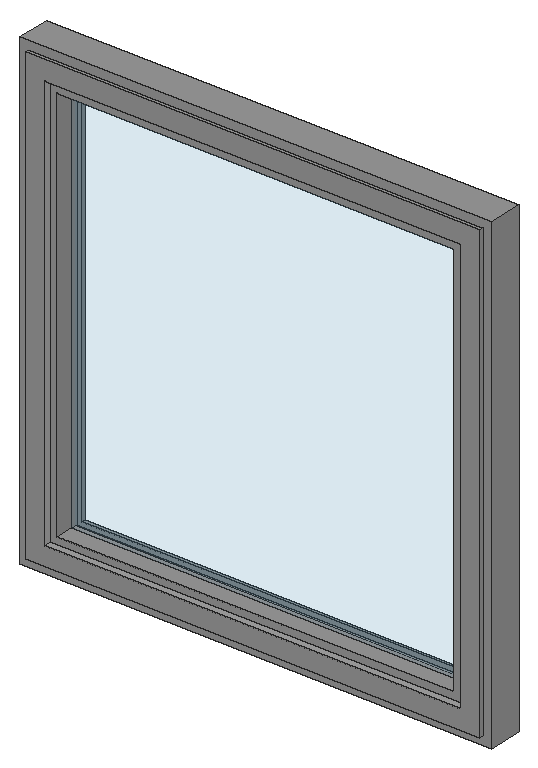
Revit family "Kawneer_Window_GT70s_Pos0011", category Windows, host Wall, Revit 2020 (continued)
Definition of nested family "Kawneer_GT70s_Pos001"
  Definition of nested family "Kawneer_GT70s_Jamb"
    Lines and regions (mm)
      model lines, in view "Ref. Level", visible <- "Open", detail levels fine
        curve 304: arc (-57.55, -39.3, 0) -> (-57.488, -43.91, 0) -> (-57.303, -48.516, 0) r 172.47
        curve 305: arc (-57.303, -48.516, 0) -> (-57.098, -49.458, 0) -> (-56.605, -50.286, 0) r 3.002
        curve 306: arc (-55.22, -51.936, 0) -> (-54.7, -52.838, 0) -> (-54.519, -53.863, 0) r 2.996
        curve 307: arc (-54.519, -54.329, 0) -> (-54.502, -54.456, 0) -> (-54.452, -54.574, 0) r 0.5
        curve 308: arc (-53.6, -56.6, 0) -> (-53.659, -56.741, 0) -> (-53.8, -56.8, 0) r 0.2
        curve 309: arc (-54.821, -56.8, 0) -> (-55.08, -56.65, 0) -> (-55.08, -56.35, 0) r 0.3
        curve 310: arc (-55.08, -56.35, 0) -> (-55.6, -55.45, 0) -> (-56.12, -56.35, 0) r 0.6
        curve 311: arc (-56.12, -56.35, 0) -> (-56.12, -56.65, 0) -> (-56.379, -56.8, 0) r 0.3
        curve 312: arc (-57.2, -56.8, 0) -> (-57.341, -56.741, 0) -> (-57.4, -56.6, 0) r 0.2
        curve 313: arc (-56.897, -54.429, 0) -> (-57.114, -53.72, 0) -> (-57.645, -53.201, 0) r 1.5
        curve 314: arc (-58.45, -52.736, 0) -> (-58.816, -52.37, 0) -> (-58.95, -51.87, 0) r 1
        curve 315: arc (-58.95, -26.73, 0) -> (-58.816, -26.23, 0) -> (-58.45, -25.864, 0) r 1
        curve 316: arc (-57.645, -25.399, 0) -> (-57.114, -24.88, 0) -> (-56.897, -24.171, 0) r 1.5
        curve 317: arc (-57.4, -22, 0) -> (-57.341, -21.859, 0) -> (-57.2, -21.8, 0) r 0.2
        curve 318: arc (-56.379, -21.8, 0) -> (-56.12, -21.95, 0) -> (-56.12, -22.25, 0) r 0.3
        curve 319: arc (-56.12, -22.25, 0) -> (-55.6, -23.15, 0) -> (-55.08, -22.25, 0) r 0.6
        curve 320: arc (-55.08, -22.25, 0) -> (-55.08, -21.95, 0) -> (-54.821, -21.8, 0) r 0.3
        curve 321: arc (-53.8, -21.8, 0) -> (-53.659, -21.859, 0) -> (-53.6, -22, 0) r 0.2
        curve 322: arc (-54.452, -24.026, 0) -> (-54.502, -24.144, 0) -> (-54.519, -24.271, 0) r 0.5
        curve 323: arc (-54.519, -24.737, 0) -> (-54.672, -25.773, 0) -> (-55.221, -26.665, 0) r 2.599
        curve 324: arc (-56.605, -28.315, 0) -> (-57.095, -29.143, 0) -> (-57.303, -30.083, 0) r 3.049
        curve 325: arc (-57.303, -30.083, 0) -> (-57.455, -33.587, 0) -> (-57.536, -37.094, 0) r 172.05
        curve 326: arc (-57.536, -37.094, 0) -> (-57.392, -37.451, 0) -> (-57.036, -37.6, 0) r 0.5
        curve 327: arc (-48.75, -37.6, 0) -> (-48.326, -37.776, 0) -> (-48.15, -38.2, 0) r 0.6
        curve 328: arc (-48.15, -38.2, 0) -> (-48.326, -38.624, 0) -> (-48.75, -38.8, 0) r 0.6
        curve 329: arc (-48.748, -39.1, 0) -> (-47.848, -38.2, 0) -> (-48.748, -37.3, 0) r 0.9
        curve 330: arc (-53.348, -39.499, 0) -> (-54.248, -40.399, 0) -> (-53.348, -41.299, 0) r 0.9
        curve 331: arc (-42.707, -37.123, 0) -> (-42.519, -37.18, 0) -> (-42.324, -37.199, 0) r 1
        curve 332: arc (-38.348, -37.199, 0) -> (-37.641, -36.906, 0) -> (-37.348, -36.199, 0) r 1
        curve 333: arc (-37.348, -29.799, 0) -> (-37.788, -28.738, 0) -> (-38.848, -28.299, 0) r 1.5
        curve 334: arc (-42.548, -28.299, 0) -> (-43.609, -28.738, 0) -> (-44.048, -29.799, 0) r 1.5
        curve 335: arc (-44.048, -35.475, 0) -> (-43.972, -35.857, 0) -> (-43.755, -36.182, 0) r 1
        curve 336: arc (-43.031, -36.906, 0) -> (-42.879, -37.03, 0) -> (-42.707, -37.123, 0) r 1
        curve 337: arc (-37.348, -38.899, 0) -> (-37.641, -38.192, 0) -> (-38.348, -37.899, 0) r 1
        curve 338: arc (-41.918, -37.899, 0) -> (-42.372, -38.008, 0) -> (-42.728, -38.311, 0) r 1
        curve 339: arc (-43.857, -39.866, 0) -> (-43.999, -40.145, 0) -> (-44.048, -40.454, 0) r 1
        curve 340: arc (-44.048, -45.299, 0) -> (-43.609, -46.36, 0) -> (-42.548, -46.799, 0) r 1.5
        curve 341: arc (-38.848, -46.799, 0) -> (-37.788, -46.36, 0) -> (-37.348, -45.299, 0) r 1.5
        curve 342: arc (-44.898, -56.6, 0) -> (-44.957, -56.741, 0) -> (-45.098, -56.8, 0) r 0.2
        curve 343: arc (-45.919, -56.8, 0) -> (-46.179, -56.65, 0) -> (-46.178, -56.35, 0) r 0.3
        curve 344: arc (-46.178, -56.35, 0) -> (-46.698, -55.448, 0) -> (-47.218, -56.35, 0) r 0.601
        curve 345: arc (-47.218, -56.35, 0) -> (-47.218, -56.65, 0) -> (-47.478, -56.8, 0) r 0.3
        curve 346: arc (-48.498, -56.8, 0) -> (-48.64, -56.741, 0) -> (-48.698, -56.6, 0) r 0.2
        curve 347: arc (-47.846, -54.574, 0) -> (-47.797, -54.456, 0) -> (-47.779, -54.33, 0) r 0.5
        curve 348: arc (-47.779, -53.863, 0) -> (-47.598, -52.835, 0) -> (-47.075, -51.932, 0) r 2.996
        curve 349: arc (-45.75, -50.353, 0) -> (-45.229, -49.451, 0) -> (-45.048, -48.425, 0) r 3
        curve 350: arc (-45.048, -41.499, 0) -> (-45.195, -41.145, 0) -> (-45.548, -40.999, 0) r 0.5
        curve 351: arc (-53.348, -40.999, 0) -> (-53.948, -40.399, 0) -> (-53.348, -39.799, 0) r 0.6
        curve 352: arc (-45.299, -39.799, 0) -> (-45.072, -39.744, 0) -> (-44.895, -39.593, 0) r 0.5
        curve 353: arc (-44.177, -38.605, 0) -> (-43.975, -37.65, 0) -> (-44.55, -36.86, 0) r 1.2
        curve 354: arc (-44.55, -36.86, 0) -> (-44.756, -36.701, 0) -> (-44.915, -36.493, 0) r 1
        curve 355: arc (-44.915, -36.493, 0) -> (-45.015, -36.252, 0) -> (-45.048, -35.993, 0) r 1
        curve 356: arc (-45.048, -30.173, 0) -> (-45.23, -29.148, 0) -> (-45.75, -28.247, 0) r 3
        curve 357: arc (-47.078, -26.664, 0) -> (-47.599, -25.761, 0) -> (-47.779, -24.733, 0) r 2.996
        curve 358: arc (-47.779, -24.27, 0) -> (-47.797, -24.143, 0) -> (-47.847, -24.024, 0) r 0.5
        curve 359: arc (-48.698, -22, 0) -> (-48.639, -21.858, 0) -> (-48.498, -21.8, 0) r 0.2
        curve 360: arc (-47.478, -21.8, 0) -> (-47.218, -21.95, 0) -> (-47.218, -22.25, 0) r 0.3
        curve 361: arc (-47.218, -22.25, 0) -> (-46.698, -23.173, 0) -> (-46.179, -22.25, 0) r 0.608
        curve 362: arc (-46.179, -22.25, 0) -> (-46.179, -21.95, 0) -> (-45.919, -21.8, 0) r 0.3
        curve 363: arc (-45.098, -21.8, 0) -> (-44.957, -21.859, 0) -> (-44.898, -22, 0) r 0.2
        curve 364: arc (-45.402, -24.171, 0) -> (-45.184, -24.88, 0) -> (-44.653, -25.399, 0) r 1.5
        curve 365: arc (-43.848, -25.864, 0) -> (-43.509, -26.186, 0) -> (-43.354, -26.626, 0) r 1
        curve 366: arc (-43.354, -26.626, 0) -> (-43.11, -27.106, 0) -> (-42.608, -27.299, 0) r 0.75
        curve 367: arc (-37.848, -27.299, 0) -> (-36.788, -27.738, 0) -> (-36.348, -28.799, 0) r 1.5
        curve 368: arc (-36.348, -47.299, 0) -> (-36.386, -47.49, 0) -> (-36.495, -47.652, 0) r 0.5
        curve 369: arc (-36.495, -47.652, 0) -> (-36.657, -47.761, 0) -> (-36.848, -47.799, 0) r 0.5
        curve 370: arc (-42.348, -47.799, 0) -> (-43.055, -48.092, 0) -> (-43.348, -48.799, 0) r 1
        curve 371: arc (-43.348, -51.87, 0) -> (-43.482, -52.37, 0) -> (-43.848, -52.736, 0) r 1
        curve 372: arc (-44.653, -53.201, 0) -> (-45.184, -53.72, 0) -> (-45.402, -54.429, 0) r 1.5
        curve 373: arc (-23.123, -48.448, 0) -> (-22.961, -48.34, 0) -> (-22.769, -48.302, 0) r 0.5
        curve 374: arc (-21.98, -48.302, 0) -> (-21.592, -48.486, 0) -> (-21.49, -48.902, 0) r 0.5
        curve 375: arc (-21.49, -48.902, 0) -> (-21.837, -49.477, 0) -> (-22.469, -49.702, 0) r 1
        curve 376: arc (-22.769, -49.702, 0) -> (-23.123, -49.556, 0) -> (-23.269, -49.202, 0) r 0.5
        curve 377: arc (-23.269, -48.802, 0) -> (-23.231, -48.611, 0) -> (-23.123, -48.448, 0) r 0.5
        curve 378: arc (-23.269, -50.864, 0) -> (-23.123, -50.511, 0) -> (-22.769, -50.364, 0) r 0.5
        curve 379: arc (-22.469, -50.364, 0) -> (-22.116, -50.511, 0) -> (-21.969, -50.864, 0) r 0.5
        curve 380: arc (-21.969, -51.264, 0) -> (-22.116, -51.618, 0) -> (-22.469, -51.764, 0) r 0.5
        curve 381: arc (-22.769, -51.764, 0) -> (-23.123, -51.618, 0) -> (-23.269, -51.264, 0) r 0.5
        curve 382: arc (-22.417, -47.337, 0) -> (-23.203, -47.721, 0) -> (-23.75, -47.038, 0) r 0.7
        curve 383: arc (-23.75, -45.879, 0) -> (-23.828, -45.72, 0) -> (-24.001, -45.685, 0) r 0.2
        curve 384: arc (-24.001, -45.685, 0) -> (-24.538, -45.926, 0) -> (-24.969, -46.327, 0) r 1.8
        curve 385: arc (-24.969, -46.327, 0) -> (-25.247, -46.846, 0) -> (-25.343, -47.426, 0) r 1.8
        curve 386: arc (-25.478, -48.971, 0) -> (-26.249, -50.38, 0) -> (-27.807, -50.768, 0) r 2
        curve 387: arc (-37.792, -49.066, 0) -> (-37.975, -48.917, 0) -> (-37.74, -48.895, 0) r 0.127
        curve 388: arc (-33.917, -49.648, 0) -> (-33.407, -49.439, 0) -> (-33.399, -48.888, 0) r 0.5
        curve 389: arc (-33.399, -48.888, 0) -> (-34.305, -48.041, 0) -> (-35.507, -47.733, 0) r 2.5
        curve 390: arc (-38.535, -47.733, 0) -> (-39.49, -48.435, 0) -> (-39.104, -49.555, 0) r 1
        curve 391: arc (-38.829, -49.745, 0) -> (-34.447, -52.327, 0) -> (-29.736, -54.247, 0) r 35
        curve 392: arc (-24.062, -56.09, 0) -> (-23.882, -56.062, 0) -> (-23.8, -55.9, 0) r 0.2
        curve 393: arc (-23.8, -53.033, 0) -> (-23.123, -52.333, 0) -> (-22.402, -52.987, 0) r 0.7
        curve 394: arc (-19.45, -52.318, 0) -> (-19.34, -52.208, 0) -> (-19.3, -52.058, 0) r 0.3
        curve 395: arc (-19.3, -50.838, 0) -> (-19.703, -50.435, 0) -> (-20.105, -50.838, 0) r 0.403
        curve 396: arc (-20.105, -51.044, 0) -> (-20.43, -51.369, 0) -> (-20.755, -51.044, 0) r 0.325
        curve 397: arc (-20.755, -50.331, 0) -> (-20.665, -50.044, 0) -> (-20.427, -49.861, 0) r 0.5
        curve 398: arc (-20.427, -49.861, 0) -> (-19.714, -49.312, 0) -> (-19.443, -48.453, 0) r 1.5
        curve 399: arc (-19.443, -48.22, 0) -> (-19.482, -48.073, 0) -> (-19.588, -47.964, 0) r 0.3
        curve 400: arc (-21.314, 5.418, 0) -> (-21.379, 5.548, 0) -> (-21.514, 5.601, 0) r 0.2
        curve 401: arc (-22.186, 5.601, 0) -> (-22.321, 5.548, 0) -> (-22.386, 5.418, 0) r 0.2
        curve 402: arc (-22.499, 4.118, 0) -> (-22.447, 3.966, 0) -> (-22.3, 3.901, 0) r 0.2
        curve 403: arc (-21.4, 3.901, 0) -> (-21.253, 3.966, 0) -> (-21.201, 4.118, 0) r 0.2
        curve 404: arc (-19.374, 0.801, 0) -> (-18.827, 1.016, 0) -> (-18.575, 1.547, 0) r 0.8
        curve 405: arc (-18.575, 1.547, 0) -> (-18.557, 2.183, 0) -> (-18.588, 2.818, 0) r 8.2
        curve 406: arc (-18.588, 2.818, 0) -> (-18.652, 2.948, 0) -> (-18.787, 3.001, 0) r 0.2
        curve 407: arc (-22.98, 3.001, 0) -> (-23.079, 2.92, 0) -> (-23.018, 2.808, 0) r 0.1
        curve 408: arc (-23.018, 2.808, 0) -> (-21.725, 2.548, 0) -> (-20.427, 2.788, 0) r 3.48
        curve 409: arc (-20.427, 2.788, 0) -> (-19.497, 2.631, 0) -> (-19.262, 1.718, 0) r 0.866
        curve 410: arc (-19.262, 1.718, 0) -> (-19.522, 1.279, 0) -> (-19.938, 0.984, 0) r 1.222
        curve 411: arc (-24.001, 1.423, 0) -> (-23.692, 1.905, 0) -> (-23.21, 1.597, 0) r 0.405
        curve 412: arc (-23.21, 1.597, 0) -> (-22.892, 1.058, 0) -> (-22.318, 0.809, 0) r 1.009
        curve 413: arc (-22.318, 0.809, 0) -> (-22.054, 0.8, 0) -> (-21.79, 0.822, 0) r 2.275
        curve 414: arc (-21.79, 0.822, 0) -> (-21.531, 0.873, 0) -> (-21.28, 0.955, 0) r 2.275
        curve 415: arc (-21.28, 0.955, 0) -> (-20.591, 1.326, 0) -> (-20.012, 1.851, 0) r 3.222
        curve 416: arc (-20.012, 1.851, 0) -> (-20.004, 2.011, 0) -> (-20.157, 2.057, 0) r 0.13
        curve 417: arc (-20.157, 2.057, 0) -> (-22.9, 1.942, 0) -> (-25.143, 3.524, 0) r 4.258
        curve 418: arc (-25.143, 3.524, 0) -> (-25.167, 3.837, 0) -> (-24.9, 4.001, 0) r 0.3
        curve 419: arc (-23.5, 4.001, 0) -> (-23.359, 4.059, 0) -> (-23.3, 4.201, 0) r 0.2
        curve 420: arc (-23.735, 5.377, 0) -> (-23.897, 5.54, 0) -> (-23.8, 5.747, 0) r 0.2
        curve 421: arc (-19.9, 5.747, 0) -> (-19.803, 5.54, 0) -> (-19.965, 5.377, 0) r 0.2
        curve 422: arc (-20.4, 4.201, 0) -> (-20.341, 4.059, 0) -> (-20.2, 4.001, 0) r 0.2
        curve 423: arc (-18.2, 4.001, 0) -> (-18.008, 3.931, 0) -> (-17.905, 3.754, 0) r 0.3
        curve 424: arc (-17.905, 3.754, 0) -> (-17.771, 2.624, 0) -> (-17.778, 1.486, 0) r 9.161
        curve 425: arc (-17.778, 1.486, 0) -> (-18.282, 0.426, 0) -> (-19.374, -0.005, 0) r 1.6
        curve 426: arc (-22.244, -0.005, 0) -> (-23.371, 0.402, 0) -> (-24.001, 1.423, 0) r 1.819
        curve 427: arc (-34.4, -68.117, 0) -> (-34.452, -67.965, 0) -> (-34.6, -67.9, 0) r 0.2
        curve 428: arc (-35.4, -67.9, 0) -> (-35.547, -67.965, 0) -> (-35.599, -68.117, 0) r 0.2
        curve 429: arc (-35.485, -69.417, 0) -> (-35.421, -69.547, 0) -> (-35.286, -69.6, 0) r 0.2
        curve 430: arc (-36.686, -69.913, 0) -> (-36.839, -69.47, 0) -> (-36.516, -69.131, 0) r 0.45
        curve 431: arc (-36.4, -68.3, 0) -> (-36.488, -68.088, 0) -> (-36.7, -68, 0) r 0.3
        curve 432: arc (-39.099, -68, 0) -> (-39.319, -68.097, 0) -> (-39.398, -68.324, 0) r 0.3
        curve 433: arc (-39.4, -72, 0) -> (-40.226, -71.752, 0) -> (-40.779, -71.09, 0) r 1.5
        curve 434: arc (-40.779, -71.09, 0) -> (-41.567, -70.008, 0) -> (-42.747, -69.376, 0) r 3
        curve 435: arc (-46.63, -68.317, 0) -> (-46.991, -67.746, 0) -> (-46.453, -67.337, 0) r 0.5
        curve 436: arc (-41.435, -67.798, 0) -> (-41.072, -67.686, 0) -> (-40.892, -67.35, 0) r 0.5
        curve 437: arc (-40.892, -67.35, 0) -> (-40.406, -66.388, 0) -> (-39.4, -66, 0) r 1.5
        curve 438: arc (-32.4, -66, 0) -> (-31.339, -66.439, 0) -> (-30.9, -67.5, 0) r 1.5
        curve 439: arc (-33.3, -68, 0) -> (-33.512, -68.088, 0) -> (-33.6, -68.3, 0) r 0.3
        curve 440: arc (-59, -63.646, 0) -> (-59.146, -63.293, 0) -> (-59.5, -63.146, 0) r 0.5
        curve 441: arc (-64, -62.646, 0) -> (-63.854, -63, 0) -> (-63.5, -63.146, 0) r 0.5
        curve 442: arc (-63.5, -51.646, 0) -> (-63.854, -51.793, 0) -> (-64, -52.146, 0) r 0.5
        curve 443: arc (-59.5, -51.646, 0) -> (-59.146, -51.5, 0) -> (-59, -51.146, 0) r 0.5
        curve 444: arc (-64, -49.146, 0) -> (-63.854, -49.5, 0) -> (-63.5, -49.646, 0) r 0.5
        curve 445: arc (-59, -50.146, 0) -> (-59.146, -49.793, 0) -> (-59.5, -49.646, 0) r 0.5
        curve 446: arc (-59.5, -22.646, 0) -> (-59.146, -22.5, 0) -> (-59, -22.146, 0) r 0.5
        curve 447: arc (-63.5, -22.646, 0) -> (-63.854, -22.793, 0) -> (-64, -23.146, 0) r 0.5
        curve 448: arc (-59.001, -18.671, 0) -> (-59.138, -18.302, 0) -> (-59.5, -18.146, 0) r 0.5
        curve 449: arc (-61, -18.146, 0) -> (-61.354, -18.293, 0) -> (-61.5, -18.646, 0) r 0.5
        curve 450: arc (-62, -20.646, 0) -> (-61.646, -20.5, 0) -> (-61.5, -20.146, 0) r 0.5
        curve 451: arc (-62.188, -3.988, 0) -> (-61.976, -3.9, 0) -> (-61.764, -3.988, 0) r 0.3
        curve 452: arc (-61.205, -4.546, 0) -> (-61.097, -5.091, 0) -> (-61.559, -5.4, 0) r 0.5
        curve 453: arc (-64.238, -5.4, 0) -> (-65.238, -5.132, 0) -> (-65.97, -4.4, 0) r 2
        curve 454: arc (-67.5, -1.75, 0) -> (-67.683, -1.567, 0) -> (-67.933, -1.5, 0) r 0.5
        curve 455: arc (-76.078, -1.5, 0) -> (-77.11, -1.911, 0) -> (-77.576, -2.92, 0) r 1.5
        curve 456: arc (-77.744, -12.082, 0) -> (-77.458, -12.801, 0) -> (-76.744, -13.1, 0) r 1
        curve 457: arc (-60.356, -13.1, 0) -> (-59.481, -13.772, 0) -> (-59.903, -14.792, 0) r 0.906
        curve 458: arc (-61.534, -15.733, 0) -> (-61.655, -15.783, 0) -> (-61.784, -15.8, 0) r 0.5
        curve 459: arc (-62.25, -15.8, 0) -> (-62.391, -15.741, 0) -> (-62.45, -15.6, 0) r 0.2
        curve 460: arc (-61.709, -14.541, 0) -> (-61.665, -14.323, 0) -> (-61.85, -14.2, 0) r 0.2
        curve 461: arc (-77.3, -14.2, 0) -> (-77.654, -14.346, 0) -> (-77.8, -14.7, 0) r 0.5
        curve 462: arc (-77.8, -28.9, 0) -> (-77.654, -29.254, 0) -> (-77.3, -29.4, 0) r 0.5
        curve 463: arc (-77.2, -29.4, 0) -> (-76.846, -29.546, 0) -> (-76.7, -29.9, 0) r 0.5
        curve 464: arc (-76.7, -30.4, 0) -> (-76.846, -30.754, 0) -> (-77.2, -30.9, 0) r 0.5
        curve 465: arc (-78.5, -30.9, 0) -> (-78.854, -30.754, 0) -> (-79, -30.4, 0) r 0.5
        curve 466: arc (-79, -0.5, 0) -> (-78.854, -0.146, 0) -> (-78.5, 0, 0) r 0.5
        curve 467: arc (-64.7, 0, 0) -> (-64.346, -0.146, 0) -> (-64.2, -0.5, 0) r 0.5
        curve 468: arc (-64.2, -1, 0) -> (-64.259, -1.141, 0) -> (-64.4, -1.2, 0) r 0.2
        curve 469: arc (-65.566, -1.2, 0) -> (-65.999, -1.45, 0) -> (-65.999, -1.95, 0) r 0.5
        curve 470: arc (-64.989, -3.7, 0) -> (-64.623, -4.066, 0) -> (-64.123, -4.2, 0) r 1
        curve 471: arc (-62.566, -4.2, 0) -> (-62.413, -4.17, 0) -> (-62.283, -4.083, 0) r 0.4
        curve 472: spline (-76.891, -35.351, 0) -> (-77.086, -35.603, 0) -> (-77.298, -35.838, 0) -> (-77.527, -36.055, 0) -> (-77.77, -36.253, 0) -> (-78.026, -36.43, 0) -> (-78.295, -36.586, 0) -> (-78.574, -36.719, 0) -> (-78.861, -36.83, 0) -> (-79.156, -36.916, 0) -> (-79.456, -36.978, 0) -> (-79.759, -37.016, 0) -> (-80.064, -37.028, 0)
        curve 473: spline (-76.891, -35.351, 0) -> (-76.752, -35.2, 0) -> (-76.596, -35.069, 0) -> (-76.426, -34.96, 0) -> (-76.245, -34.876, 0) -> (-76.055, -34.816, 0) -> (-75.859, -34.784, 0) -> (-75.661, -34.778, 0) -> (-75.464, -34.799, 0) -> (-75.272, -34.847, 0) -> (-75.086, -34.921, 0) -> (-74.911, -35.02, 0) -> (-74.749, -35.142, 0)
        curve 474: spline (-69.697, -37.028, 0) -> (-70.151, -37.017, 0) -> (-70.604, -36.978, 0) -> (-71.054, -36.912, 0) -> (-71.501, -36.819, 0) -> (-71.941, -36.698, 0) -> (-72.374, -36.551, 0) -> (-72.799, -36.378, 0) -> (-73.214, -36.179, 0) -> (-73.618, -35.955, 0) -> (-74.009, -35.707, 0) -> (-74.387, -35.436, 0) -> (-74.749, -35.142, 0)
        curve 475: spline (-69.509, -35.776, 0) -> (-69.382, -35.84, 0) -> (-69.273, -35.934, 0) -> (-69.186, -36.053, 0) -> (-69.128, -36.189, 0) -> (-69.102, -36.337, 0) -> (-69.108, -36.487, 0) -> (-69.146, -36.632, 0) -> (-69.214, -36.763, 0) -> (-69.31, -36.873, 0) -> (-69.426, -36.957, 0) -> (-69.557, -37.01, 0) -> (-69.697, -37.028, 0)
        curve 476: spline (-69.509, -35.776, 0) -> (-69.816, -35.653, 0) -> (-70.115, -35.509, 0) -> (-70.404, -35.344, 0) -> (-70.683, -35.159, 0) -> (-70.95, -34.956, 0) -> (-71.204, -34.733, 0) -> (-71.444, -34.494, 0) -> (-71.668, -34.238, 0) -> (-71.877, -33.967, 0) -> (-72.068, -33.682, 0) -> (-72.242, -33.384, 0) -> (-72.397, -33.074, 0)
        curve 477: spline (-72.397, -33.074, 0) -> (-72.462, -32.932, 0) -> (-72.527, -32.789, 0) -> (-72.59, -32.645, 0) -> (-72.653, -32.501, 0) -> (-72.716, -32.357, 0) -> (-72.777, -32.213, 0) -> (-72.838, -32.068, 0) -> (-72.897, -31.922, 0) -> (-72.956, -31.776, 0) -> (-73.015, -31.63, 0) -> (-73.072, -31.484, 0) -> (-73.129, -31.337, 0)
        curve 478: spline (-73.736, -30.94, 0) -> (-73.673, -30.938, 0) -> (-73.609, -30.943, 0) -> (-73.547, -30.955, 0) -> (-73.486, -30.974, 0) -> (-73.427, -30.999, 0) -> (-73.371, -31.032, 0) -> (-73.319, -31.07, 0) -> (-73.271, -31.114, 0) -> (-73.227, -31.163, 0) -> (-73.189, -31.217, 0) -> (-73.156, -31.276, 0) -> (-73.129, -31.337, 0)
        curve 479: spline (-74.46, -31.008, 0) -> (-74.479, -31.009, 0) -> (-74.499, -31.009, 0) -> (-74.518, -31.007, 0) -> (-74.538, -31.004, 0) -> (-74.557, -31, 0) -> (-74.576, -30.994, 0) -> (-74.594, -30.987, 0) -> (-74.613, -30.979, 0) -> (-74.63, -30.969, 0) -> (-74.647, -30.959, 0) -> (-74.663, -30.947, 0) -> (-74.679, -30.934, 0)
        curve 480: spline (-75.611, -30.412, 0) -> (-75.589, -30.378, 0) -> (-75.563, -30.348, 0) -> (-75.533, -30.323, 0) -> (-75.5, -30.303, 0) -> (-75.464, -30.289, 0) -> (-75.427, -30.28, 0) -> (-75.389, -30.278, 0) -> (-75.351, -30.282, 0) -> (-75.314, -30.292, 0) -> (-75.279, -30.308, 0) -> (-75.246, -30.33, 0) -> (-75.217, -30.356, 0)
        curve 481: spline (-75.856, -30.867, 0) -> (-75.87, -30.891, 0) -> (-75.886, -30.913, 0) -> (-75.904, -30.934, 0) -> (-75.923, -30.953, 0) -> (-75.944, -30.97, 0) -> (-75.966, -30.985, 0) -> (-75.989, -30.998, 0) -> (-76.013, -31.009, 0) -> (-76.038, -31.017, 0) -> (-76.064, -31.023, 0) -> (-76.09, -31.027, 0) -> (-76.116, -31.028, 0)
        curve 482: spline (-78.894, -31.028, 0) -> (-78.936, -31.025, 0) -> (-78.976, -31.016, 0) -> (-79.015, -31.001, 0) -> (-79.052, -30.98, 0) -> (-79.085, -30.954, 0) -> (-79.115, -30.924, 0) -> (-79.141, -30.889, 0) -> (-79.162, -30.851, 0) -> (-79.178, -30.81, 0) -> (-79.189, -30.767, 0) -> (-79.194, -30.723, 0) -> (-79.193, -30.679, 0)
        curve 483: spline (-79.492, -27.974, 0) -> (-79.442, -27.935, 0) -> (-79.384, -27.908, 0) -> (-79.323, -27.894, 0) -> (-79.26, -27.895, 0) -> (-79.199, -27.909, 0) -> (-79.141, -27.937, 0) -> (-79.091, -27.977, 0) -> (-79.049, -28.027, 0) -> (-79.018, -28.085, 0) -> (-78.999, -28.149, 0) -> (-78.993, -28.216, 0) -> (-79, -28.283, 0)
        curve 484: spline (-80.487, -29.447, 0) -> (-80.428, -29.308, 0) -> (-80.364, -29.171, 0) -> (-80.296, -29.037, 0) -> (-80.223, -28.906, 0) -> (-80.146, -28.778, 0) -> (-80.064, -28.652, 0) -> (-79.979, -28.53, 0) -> (-79.889, -28.412, 0) -> (-79.796, -28.297, 0) -> (-79.698, -28.185, 0) -> (-79.597, -28.078, 0) -> (-79.492, -27.974, 0)
        curve 485: spline (-81.118, -32.084, 0) -> (-81.09, -31.859, 0) -> (-81.057, -31.634, 0) -> (-81.019, -31.41, 0) -> (-80.978, -31.187, 0) -> (-80.931, -30.965, 0) -> (-80.881, -30.744, 0) -> (-80.826, -30.524, 0) -> (-80.767, -30.306, 0) -> (-80.703, -30.089, 0) -> (-80.635, -29.873, 0) -> (-80.563, -29.659, 0) -> (-80.487, -29.447, 0)
        curve 486: spline (-81.118, -32.084, 0) -> (-81.15, -32.334, 0) -> (-81.187, -32.583, 0) -> (-81.23, -32.831, 0) -> (-81.278, -33.078, 0) -> (-81.331, -33.323, 0) -> (-81.39, -33.568, 0) -> (-81.454, -33.81, 0) -> (-81.524, -34.051, 0) -> (-81.599, -34.29, 0) -> (-81.679, -34.527, 0) -> (-81.764, -34.762, 0) -> (-81.855, -34.995, 0)
        curve 487: spline (-81.415, -35.586, 0) -> (-81.486, -35.593, 0) -> (-81.558, -35.586, 0) -> (-81.627, -35.566, 0) -> (-81.692, -35.532, 0) -> (-81.75, -35.487, 0) -> (-81.8, -35.431, 0) -> (-81.839, -35.367, 0) -> (-81.868, -35.296, 0) -> (-81.884, -35.221, 0) -> (-81.887, -35.144, 0) -> (-81.877, -35.068, 0) -> (-81.855, -34.995, 0)
        curve 488: spline (-79.268, -33.411, 0) -> (-79.353, -33.668, 0) -> (-79.458, -33.917, 0) -> (-79.583, -34.156, 0) -> (-79.726, -34.382, 0) -> (-79.887, -34.594, 0) -> (-80.064, -34.791, 0) -> (-80.255, -34.971, 0) -> (-80.461, -35.133, 0) -> (-80.678, -35.276, 0) -> (-80.906, -35.399, 0) -> (-81.143, -35.5, 0) -> (-81.387, -35.579, 0)
        curve 489: spline (-79.268, -33.411, 0) -> (-79.192, -33.241, 0) -> (-79.074, -33.101, 0) -> (-78.923, -33.005, 0) -> (-78.752, -32.96, 0) -> (-78.576, -32.969, 0) -> (-78.411, -33.033, 0) -> (-78.27, -33.145, 0) -> (-78.165, -33.297, 0) -> (-78.106, -33.474, 0) -> (-78.097, -33.662, 0) -> (-78.14, -33.845, 0) -> (-78.23, -34.007, 0)
        curve 490: spline (-78.23, -34.007, 0) -> (-78.307, -34.114, 0) -> (-78.39, -34.217, 0) -> (-78.477, -34.315, 0) -> (-78.568, -34.409, 0) -> (-78.664, -34.498, 0) -> (-78.763, -34.581, 0) -> (-78.866, -34.66, 0) -> (-78.973, -34.733, 0) -> (-79.083, -34.8, 0) -> (-79.196, -34.861, 0) -> (-79.311, -34.917, 0) -> (-79.429, -34.966, 0)
        curve 491: spline (-79.429, -34.966, 0) -> (-79.679, -35.072, 0) -> (-79.932, -35.17, 0) -> (-80.187, -35.261, 0) -> (-80.444, -35.345, 0) -> (-80.703, -35.421, 0) -> (-80.964, -35.49, 0) -> (-81.226, -35.552, 0) -> (-81.49, -35.605, 0) -> (-81.755, -35.651, 0) -> (-82.022, -35.69, 0) -> (-82.289, -35.721, 0) -> (-82.557, -35.744, 0)
        curve 492: spline (-82.517, -37.028, 0) -> (-82.669, -37.007, 0) -> (-82.811, -36.945, 0) -> (-82.934, -36.847, 0) -> (-83.029, -36.719, 0) -> (-83.092, -36.569, 0) -> (-83.116, -36.407, 0) -> (-83.102, -36.243, 0) -> (-83.049, -36.089, 0) -> (-82.962, -35.954, 0) -> (-82.845, -35.847, 0) -> (-82.707, -35.776, 0) -> (-82.557, -35.744, 0)
        curve 493: arc (-76.397, -68.865, 0) -> (-76.441, -69.029, 0) -> (-76.594, -69.1, 0) r 0.2
        curve 494: arc (-76.75, -69.1, 0) -> (-76.928, -69.208, 0) -> (-76.914, -69.415, 0) r 0.2
        curve 495: arc (-76.494, -70.015, 0) -> (-76.422, -70.077, 0) -> (-76.33, -70.1, 0) r 0.2
        curve 496: arc (-75.765, -70.1, 0) -> (-75.665, -70.073, 0) -> (-75.592, -70, 0) r 0.2
        curve 497: arc (-75.173, -69.274, 0) -> (-75, -69.174, 0) -> (-74.827, -69.274, 0) r 0.2
        curve 498: arc (-74.408, -70, 0) -> (-74.335, -70.073, 0) -> (-74.235, -70.1, 0) r 0.2
        curve 499: arc (-73.67, -70.1, 0) -> (-73.578, -70.077, 0) -> (-73.506, -70.015, 0) r 0.2
        curve 500: arc (-73.086, -69.415, 0) -> (-73.073, -69.207, 0) -> (-73.25, -69.1, 0) r 0.2
        curve 501: arc (-73.406, -69.1, 0) -> (-73.559, -69.029, 0) -> (-73.603, -68.865, 0) r 0.2
        curve 502: arc (-71.41, -68, 0) -> (-71.275, -67.947, 0) -> (-71.211, -67.817, 0) r 0.2
        curve 503: arc (-70.835, -65.217, 0) -> (-70.886, -65.065, 0) -> (-71.034, -65, 0) r 0.2
        curve 504: arc (-72.747, -65, 0) -> (-72.868, -65.041, 0) -> (-72.94, -65.148, 0) r 0.2
        curve 505: arc (-73.101, -65.752, 0) -> (-73.173, -65.859, 0) -> (-73.295, -65.9, 0) r 0.2
        curve 506: arc (-76.706, -65.9, 0) -> (-76.827, -65.858, 0) -> (-76.899, -65.752, 0) r 0.2
        curve 507: arc (-77.06, -65.148, 0) -> (-77.132, -65.041, 0) -> (-77.253, -65, 0) r 0.2
        curve 508: arc (-78.966, -65, 0) -> (-79.114, -65.065, 0) -> (-79.165, -65.217, 0) r 0.2
        curve 509: arc (-78.789, -67.817, 0) -> (-78.725, -67.947, 0) -> (-78.59, -68, 0) r 0.2
        curve 631: line (-36.392, -66, 0) -> (-38.5, -68, 0)
        curve 668: line (-57, -70.5, 0) -> (-54.5, -70.5, 0)
        curve 669: line (-54, -70, 0) -> (-54, -67.8, 0)
        curve 670: line (-52, -65.8, 0) -> (-47.3, -65.8, 0)
        curve 671: line (-47.1, -65.6, 0) -> (-47.1, -58.6, 0)
        curve 672: line (-47.3, -58.4, 0) -> (-57.3, -58.4, 0)
        curve 673: line (-57.5, -58.6, 0) -> (-57.5, -70, 0)
        curve 674: line (-51.5, -72, 0) -> (-78.5, -72, 0)
        curve 675: line (-79, -71.5, 0) -> (-79, -68.5, 0)
        curve 676: line (-75.384, -69.639, 0) -> (-76.5, -68.5, 0)
        curve 677: line (-76.5, -68.5, 0) -> (-76.5, -68.8, 0)
        curve 678: line (-76.5, -68.8, 0) -> (-76.55, -68, 0)
        curve 679: line (-76.55, -68, 0) -> (-78.5, -68, 0)
        curve 680: line (-78.5, -68, 0) -> (-77, -68, 0)
        curve 681: line (-77, -68, 0) -> (-79.057, -65.967, 0)
        curve 682: line (-76.7, -69, 0) -> (-77.3, -69, 0)
        curve 683: line (-77.8, -69.5, 0) -> (-77.8, -70.1, 0)
        curve 684: line (-77.3, -70.6, 0) -> (-72.7, -70.6, 0)
        curve 685: line (-72.2, -70.1, 0) -> (-72.2, -69.5, 0)
        curve 686: line (-72.7, -69, 0) -> (-73.3, -69, 0)
        curve 687: line (-71.41, -68, 0) -> (-73.45, -68, 0)
        curve 688: line (-73.45, -68, 0) -> (-73.5, -68.8, 0)
        curve 689: line (-73.5, -68.8, 0) -> (-73.5, -68.5, 0)
        curve 690: line (-73.5, -68.5, 0) -> (-74.616, -69.639, 0)
        curve 691: line (-70.943, -65.967, 0) -> (-73, -68, 0)
        curve 692: line (-73, -68, 0) -> (-69.9, -68, 0)
        curve 693: line (-69.9, -68.8, 0) -> (-70.8, -68.8, 0)
        curve 694: line (-71, -69, 0) -> (-71, -69.9, 0)
        curve 695: line (-70.5, -70.4, 0) -> (-68, -70.4, 0)
        curve 696: line (-68, -70.4, 0) -> (-59.489, -70.211, 0)
        curve 697: line (-59, -69.711, 0) -> (-59, -53.933, 0)
        curve 698: line (-56.973, -55.042, 0) -> (-57.587, -56.523, 0)
        curve 699: line (-57.402, -56.8, 0) -> (-53.8, -56.8, 0)
        curve 700: line (-53.8, -56.8, 0) -> (-54.821, -56.8, 0)
        curve 701: line (-53.6, -56.6, 0) -> (-53.6, -56.06, 0)
        curve 702: line (-53.6, -56.06, 0) -> (-54.386, -54.698, 0)
        curve 703: line (-54.386, -54.698, 0) -> (-53.6, -56.05, 0)
        curve 704: line (-53.6, -56.05, 0) -> (-53.6, -56.6, 0)
        curve 705: line (-54.519, -53.863, 0) -> (-54.416, -54.3, 0)
        curve 706: line (-54.416, -54.3, 0) -> (-54.039, -54.3, 0)
        curve 707: line (-48.261, -54.3, 0) -> (-47.884, -54.3, 0)
        curve 708: line (-47.884, -54.3, 0) -> (-47.779, -53.863, 0)
        curve 709: line (-47.914, -54.698, 0) -> (-48.7, -56.06, 0)
        curve 710: line (-48.7, -56.06, 0) -> (-48.7, -56.6, 0)
        curve 711: line (-48.7, -56.6, 0) -> (-48.698, -56.05, 0)
        curve 712: line (-48.698, -56.05, 0) -> (-47.846, -54.574, 0)
        curve 713: line (-47.478, -56.8, 0) -> (-48.5, -56.8, 0)
        curve 714: line (-48.5, -56.8, 0) -> (-44.898, -56.8, 0)
        curve 715: line (-44.713, -56.523, 0) -> (-45.327, -55.042, 0)
        curve 716: line (-44.898, -56.6, 0) -> (-44.898, -55.719, 0)
        curve 717: line (-44.898, -55.719, 0) -> (-45.48, -54.672, 0)
        curve 718: line (-45.48, -54.672, 0) -> (-44.379, -54.036, 0)
        curve 719: line (-44.379, -54.036, 0) -> (-43.75, -53.673, 0)
        curve 720: line (-43.3, -53.933, 0) -> (-43.3, -57.228, 0)
        curve 721: line (-43.13, -57.426, 0) -> (-42.263, -57.588, 0)
        curve 722: line (-42.1, -57.785, 0) -> (-42.1, -58.4, 0)
        curve 723: line (-42.3, -58.6, 0) -> (-45.1, -58.6, 0)
        curve 724: line (-45.6, -59.1, 0) -> (-45.6, -65.3, 0)
        curve 725: line (-45.1, -65.8, 0) -> (-43.7, -65.8, 0)
        curve 726: line (-43.2, -66.3, 0) -> (-43.2, -66.8, 0)
        curve 727: line (-43.7, -67.3, 0) -> (-52, -67.3, 0)
        curve 728: line (-52.5, -67.8, 0) -> (-52.5, -70, 0)
        curve 729: line (-52, -70.5, 0) -> (-51.5, -70.5, 0)
        curve 730: line (-51, -71, 0) -> (-51, -71.5, 0)
        curve 731: line (-41.8, 6.3, 0) -> (-41.8, -19.8, 0)
        curve 732: line (-42, -20, 0) -> (-43.6, -20, 0)
        curve 733: line (-43.946, -20.2, 0) -> (-55.527, -20.2, 0)
        curve 734: line (-55.873, -20, 0) -> (-57, -20, 0)
        curve 735: line (-57.2, -19.8, 0) -> (-57.2, -18.7, 0)
        curve 736: line (-57.5, -18.313, 0) -> (-57.5, -3.887, 0)
        curve 737: line (-57.2, -3.5, 0) -> (-57.2, -2.405, 0)
        curve 738: line (-59.482, -0.3, 0) -> (-61.418, -0.3, 0)
        curve 739: line (-61.828, 0.487, 0) -> (-57.767, 6.287, 0)
        curve 740: line (-57.357, 6.5, 0) -> (-42, 6.5, 0)
        curve 741: line (-20, 8, 0) -> (-57.357, 8, 0)
        curve 742: line (-58.996, 7.147, 0) -> (-63.91, 0.129, 0)
        curve 743: line (-64, -0.158, 0) -> (-64, -2.342, 0)
        curve 744: line (-62.5, -4, 0) -> (-62.5, -2.3, 0)
        curve 745: line (-62, -1.8, 0) -> (-59.5, -1.8, 0)
        curve 746: line (-59, -2.3, 0) -> (-59, -15.8, 0)
        curve 747: line (-59.5, -16.3, 0) -> (-62, -16.3, 0)
        curve 748: line (-62.5, -15.8, 0) -> (-62.5, -14.4, 0)
        curve 749: line (-63.8, -15.839, 0) -> (-63.8, -17, 0)
        curve 750: line (-62.8, -18, 0) -> (-59.7, -18, 0)
        curve 751: line (-59, -22.146, 0) -> (-59, -18.7, 0)
        curve 752: line (-59, -18.7, 0) -> (-59, -24.667, 0)
        curve 753: line (-58.55, -24.927, 0) -> (-57.921, -24.564, 0)
        curve 754: line (-57.921, -24.564, 0) -> (-56.82, -23.928, 0)
        curve 755: line (-56.82, -23.928, 0) -> (-57.4, -22.881, 0)
        curve 756: line (-57.4, -22.881, 0) -> (-57.4, -22, 0)
        curve 757: line (-56.973, -23.558, 0) -> (-57.587, -22.077, 0)
        curve 758: line (-57.402, -21.8, 0) -> (-53.8, -21.8, 0)
        curve 759: line (-53.8, -21.8, 0) -> (-54.821, -21.8, 0)
        curve 760: line (-54.452, -24.026, 0) -> (-53.6, -22.55, 0)
        curve 761: line (-53.6, -22.55, 0) -> (-53.6, -22, 0)
        curve 762: line (-53.6, -22, 0) -> (-53.6, -22.54, 0)
        curve 763: line (-53.6, -22.54, 0) -> (-54.386, -23.902, 0)
        curve 764: line (-54.519, -24.737, 0) -> (-54.416, -24.3, 0)
        curve 765: line (-54.416, -24.3, 0) -> (-54.039, -24.3, 0)
        curve 766: line (-48.261, -24.3, 0) -> (-47.884, -24.3, 0)
        curve 767: line (-47.884, -24.3, 0) -> (-47.779, -24.733, 0)
        curve 768: line (-48.698, -22.027, 0) -> (-48.698, -22.55, 0)
        curve 769: line (-48.698, -22.55, 0) -> (-47.914, -23.902, 0)
        curve 770: line (-47.914, -23.902, 0) -> (-48.7, -22.54, 0)
        curve 771: line (-48.7, -22.54, 0) -> (-48.7, -22, 0)
        curve 772: line (-47.478, -21.8, 0) -> (-48.5, -21.8, 0)
        curve 773: line (-48.5, -21.8, 0) -> (-44.898, -21.8, 0)
        curve 774: line (-44.713, -22.077, 0) -> (-45.327, -23.558, 0)
        curve 775: line (-43.3, -24.667, 0) -> (-43.3, -22.3, 0)
        curve 776: line (-42.8, -21.8, 0) -> (-42, -21.8, 0)
        curve 777: line (-41.654, -22, 0) -> (-36, -22, 0)
        curve 778: line (-35.5, -21.5, 0) -> (-35.5, -18, 0)
        curve 779: line (-36, -17.5, 0) -> (-36.5, -17.5, 0)
        curve 780: line (-37, -18, 0) -> (-37, -19.5, 0)
        curve 781: line (-37.5, -20, 0) -> (-39.207, -20, 0)
        curve 782: line (-40, -19.207, 0) -> (-40, -0.793, 0)
        curve 783: line (-39.207, 0, 0) -> (-37.5, 0, 0)
        curve 784: line (-37, -0.5, 0) -> (-37, -2, 0)
        curve 785: line (-36.5, -2.5, 0) -> (-36, -2.5, 0)
        curve 786: line (-35.5, -2, 0) -> (-35.5, 1.5, 0)
        curve 787: line (-36, 2, 0) -> (-39.5, 2, 0)
        curve 788: line (-40, 2.5, 0) -> (-40, 4.7, 0)
        curve 789: line (-38.5, 6.2, 0) -> (-25.6, 6.2, 0)
        curve 790: line (-25.1, 5.7, 0) -> (-25.1, 4.5, 0)
        curve 791: line (-24.6, 4, 0) -> (-23.8, 4, 0)
        curve 792: line (-23.8, 4, 0) -> (-22.742, 3.001, 0)
        curve 793: line (-23.3, 4.5, 0) -> (-23.3, 4.8, 0)
        curve 794: line (-23.5, 5, 0) -> (-23.8, 5, 0)
        curve 795: line (-24.3, 5.5, 0) -> (-24.3, 6.1, 0)
        curve 796: line (-23.8, 6.6, 0) -> (-19.7, 6.6, 0)
        curve 797: line (-19.2, 6.1, 0) -> (-19.2, 5.5, 0)
        curve 798: line (-19.7, 5, 0) -> (-20.2, 5, 0)
        curve 799: line (-21.999, 6.501, 0) -> (-20.4, 4.8, 0)
        curve 800: line (-20.4, 4.8, 0) -> (-20.4, 4.5, 0)
        curve 801: line (-19.9, 4, 0) -> (-18.5, 4, 0)
        curve 802: line (-18, 4.5, 0) -> (-18, 6, 0)
        curve 803: line (-48.75, -38.8, 0) -> (-57.05, -38.8, 0)
        curve 804: line (-56.605, -50.286, 0) -> (-55.22, -51.936, 0)
        curve 805: line (-56.379, -56.8, 0) -> (-57.2, -56.8, 0)
        curve 806: line (-57.4, -56.6, 0) -> (-57.4, -55.719, 0)
        curve 807: line (-57.4, -55.719, 0) -> (-56.919, -54.558, 0)
        curve 808: line (-56.919, -54.558, 0) -> (-58.55, -53.673, 0)
        curve 809: line (-57.645, -53.201, 0) -> (-58.45, -52.736, 0)
        curve 810: line (-58.95, -51.87, 0) -> (-58.95, -26.73, 0)
        curve 811: line (-58.45, -25.864, 0) -> (-57.645, -25.399, 0)
        curve 812: line (-57.2, -21.8, 0) -> (-56.379, -21.8, 0)
        curve 813: line (-55.221, -26.665, 0) -> (-56.605, -28.315, 0)
        curve 814: line (-57.036, -37.6, 0) -> (-48.75, -37.6, 0)
        curve 815: line (-56.414, -37.3, 0) -> (-48.748, -37.3, 0)
        curve 816: line (-48.748, -39.1, 0) -> (-56.414, -39.1, 0)
        curve 817: line (-45.477, -41.299, 0) -> (-53.348, -41.299, 0)
        curve 818: line (-53.348, -39.499, 0) -> (-45.477, -39.499, 0)
        curve 819: line (-42.324, -37.199, 0) -> (-38.348, -37.199, 0)
        curve 820: line (-37.348, -36.199, 0) -> (-37.348, -29.799, 0)
        curve 821: line (-38.848, -28.299, 0) -> (-42.548, -28.299, 0)
        curve 822: line (-44.048, -29.799, 0) -> (-44.048, -35.475, 0)
        curve 823: line (-43.755, -36.182, 0) -> (-43.031, -36.906, 0)
        curve 824: line (-37.348, -45.299, 0) -> (-37.348, -38.899, 0)
        curve 825: line (-38.348, -37.899, 0) -> (-41.918, -37.899, 0)
        curve 826: line (-42.728, -38.311, 0) -> (-43.857, -39.866, 0)
        curve 827: line (-44.048, -40.454, 0) -> (-44.048, -45.299, 0)
        curve 828: line (-42.548, -46.799, 0) -> (-38.848, -46.799, 0)
        curve 829: line (-45.098, -56.8, 0) -> (-45.919, -56.8, 0)
        curve 830: line (-47.075, -51.932, 0) -> (-45.75, -50.353, 0)
        curve 831: line (-45.048, -48.425, 0) -> (-45.048, -41.499, 0)
        curve 832: line (-45.548, -40.999, 0) -> (-53.348, -40.999, 0)
        curve 833: line (-53.348, -39.799, 0) -> (-45.299, -39.799, 0)
        curve 834: line (-44.895, -39.593, 0) -> (-44.177, -38.605, 0)
        curve 835: line (-45.048, -35.993, 0) -> (-45.048, -30.173, 0)
        curve 836: line (-45.75, -28.247, 0) -> (-47.078, -26.664, 0)
        curve 837: line (-45.919, -21.8, 0) -> (-45.098, -21.8, 0)
        curve 838: line (-44.898, -22, 0) -> (-44.898, -22.881, 0)
        curve 839: line (-44.898, -22.881, 0) -> (-45.379, -24.042, 0)
        curve 840: line (-45.379, -24.042, 0) -> (-44.379, -24.564, 0)
        curve 841: line (-44.379, -24.564, 0) -> (-43.75, -24.927, 0)
        curve 842: line (-44.653, -25.399, 0) -> (-43.848, -25.864, 0)
        curve 843: line (-42.608, -27.299, 0) -> (-37.848, -27.299, 0)
        curve 844: line (-36.348, -28.799, 0) -> (-36.348, -47.299, 0)
        curve 845: line (-36.848, -47.799, 0) -> (-42.348, -47.799, 0)
        curve 846: line (-43.348, -48.799, 0) -> (-43.348, -51.87, 0)
        curve 847: line (-43.848, -52.736, 0) -> (-44.653, -53.201, 0)
        curve 848: line (-22.769, -48.302, 0) -> (-21.98, -48.302, 0)
        curve 849: line (-23.385, -50.742, 0) -> (-22.469, -49.702, 0)
        curve 850: line (-22.469, -49.702, 0) -> (-22.769, -49.702, 0)
        curve 851: line (-23.269, -49.202, 0) -> (-23.269, -48.802, 0)
        curve 852: line (-23.269, -51.264, 0) -> (-23.269, -50.864, 0)
        curve 853: line (-23.269, -50.864, 0) -> (-27.588, -54.944, 0)
        curve 854: line (-22.769, -50.364, 0) -> (-22.469, -50.364, 0)
        curve 855: line (-21.969, -50.864, 0) -> (-21.969, -51.264, 0)
        curve 856: line (-22.469, -51.764, 0) -> (-22.769, -51.764, 0)
        curve 857: line (-19.588, -47.964, 0) -> (-21.767, -46.644, 0)
        curve 858: line (-21.767, -46.644, 0) -> (-22.09, -46.644, 0)
        curve 859: line (-22.09, -46.644, 0) -> (-22.417, -47.337, 0)
        curve 860: line (-23.75, -47.038, 0) -> (-23.75, -45.879, 0)
        curve 861: line (-25.343, -47.426, 0) -> (-25.478, -48.971, 0)
        curve 862: line (-30.776, -53.89, 0) -> (-27.807, -50.768, 0)
        curve 863: line (-27.807, -50.768, 0) -> (-37.792, -49.066, 0)
        curve 864: line (-37.74, -48.895, 0) -> (-33.917, -49.648, 0)
        curve 865: line (-35.507, -47.733, 0) -> (-38.535, -47.733, 0)
        curve 866: line (-38.535, -47.733, 0) -> (-37.188, -49.004, 0)
        curve 867: line (-37.347, -47.733, 0) -> (-39.104, -49.555, 0)
        curve 868: line (-39.104, -49.555, 0) -> (-38.829, -49.745, 0)
        curve 869: line (-36.338, -47.733, 0) -> (-34.432, -49.639, 0)
        curve 870: line (-34.432, -49.639, 0) -> (-29.736, -54.247, 0)
        curve 871: line (-29.736, -54.247, 0) -> (-24.062, -56.09, 0)
        curve 872: line (-29.317, -50.511, 0) -> (-23.8, -55.9, 0)
        curve 873: line (-23.8, -55.9, 0) -> (-23.8, -53.033, 0)
        curve 874: line (-22.402, -52.987, 0) -> (-22.159, -53.526, 0)
        curve 875: line (-22.159, -53.526, 0) -> (-21.624, -53.526, 0)
        curve 876: line (-21.624, -53.526, 0) -> (-19.45, -52.318, 0)
        curve 877: line (-19.443, -48.453, 0) -> (-19.443, -48.22, 0)
        curve 878: line (-20.4, 4.937, 0) -> (-21.137, 4.199, 0)
        curve 879: line (-21.201, 4.118, 0) -> (-21.314, 5.418, 0)
        curve 880: line (-21.514, 5.601, 0) -> (-22.186, 5.601, 0)
        curve 881: line (-22.386, 5.418, 0) -> (-22.499, 4.118, 0)
        curve 882: line (-22.3, 3.901, 0) -> (-21.4, 3.901, 0)
        curve 883: line (-19.883, 0.801, 0) -> (-19.374, 0.801, 0)
        curve 884: line (-18.787, 3.001, 0) -> (-22.98, 3.001, 0)
        curve 885: line (-24.9, 4.001, 0) -> (-23.5, 4.001, 0)
        curve 886: line (-23.5, 4.001, 0) -> (-24.572, 2.886, 0)
        curve 887: line (-22.419, 5.039, 0) -> (-23.3, 4.201, 0)
        curve 888: line (-23.3, 4.201, 0) -> (-23.3, 5.301, 0)
        curve 889: line (-23.3, 5.301, 0) -> (-23.735, 5.377, 0)
        curve 890: line (-23.8, 5.747, 0) -> (-22.495, 6.501, 0)
        curve 891: line (-22.495, 6.501, 0) -> (-21.205, 6.501, 0)
        curve 892: line (-21.205, 6.501, 0) -> (-19.9, 5.747, 0)
        curve 893: line (-19.804, 5.532, 0) -> (-19.965, 5.377, 0)
        curve 894: line (-19.965, 5.377, 0) -> (-20.4, 5.301, 0)
        curve 895: line (-20.4, 5.301, 0) -> (-20.4, 4.201, 0)
        curve 896: line (-20.2, 4.001, 0) -> (-18.2, 4.001, 0)
        curve 897: line (-19.374, -0.005, 0) -> (-22.244, -0.005, 0)
        curve 898: line (-34.514, -69.417, 0) -> (-34.4, -68.117, 0)
        curve 899: line (-34.4, -68.117, 0) -> (-32.167, -66.018, 0)
        curve 900: line (-34.6, -67.9, 0) -> (-35.4, -67.9, 0)
        curve 901: line (-35.4, -67.9, 0) -> (-37.264, -66, 0)
        curve 902: line (-35.599, -68.117, 0) -> (-35.485, -69.417, 0)
        curve 903: line (-35.485, -69.417, 0) -> (-36.345, -70.195, 0)
        curve 904: line (-35.286, -69.6, 0) -> (-34.713, -69.6, 0)
        curve 905: line (-33.6, -68.3, 0) -> (-33.6, -69.1, 0)
        curve 906: line (-33.6, -69.1, 0) -> (-32.95, -69.2, 0)
        curve 907: line (-32.95, -69.2, 0) -> (-32.95, -69.615, 0)
        curve 908: line (-32.95, -69.615, 0) -> (-34.005, -70.5, 0)
        curve 909: line (-34.005, -70.5, 0) -> (-35.976, -70.5, 0)
        curve 910: line (-35.976, -70.5, 0) -> (-36.686, -69.913, 0)
        curve 911: line (-34.885, -70.5, 0) -> (-36.516, -69.131, 0)
        curve 912: line (-36.4, -69.1, 0) -> (-36.4, -68.3, 0)
        curve 913: line (-36.4, -68.3, 0) -> (-34.271, -66, 0)
        curve 914: line (-36.7, -68, 0) -> (-39.099, -68, 0)
        curve 915: line (-39.398, -68.324, 0) -> (-39.1, -72, 0)
        curve 916: line (-39.1, -72, 0) -> (-39.4, -72, 0)
        curve 917: line (-42.747, -69.376, 0) -> (-46.63, -68.317, 0)
        curve 918: line (-45.149, -68.721, 0) -> (-46.453, -67.337, 0)
        curve 919: line (-46.453, -67.337, 0) -> (-41.435, -67.798, 0)
        curve 920: line (-37.385, -68, 0) -> (-39.4, -66, 0)
        curve 921: line (-39.4, -66, 0) -> (-32.4, -66, 0)
        curve 922: line (-30.9, -67.5, 0) -> (-30.9, -68, 0)
        curve 923: line (-30.9, -68, 0) -> (-33.3, -68, 0)
        curve 924: line (-33.3, -68, 0) -> (-35.142, -66, 0)
        curve 925: line (-66.5, -49.646, 0) -> (-66.5, -22.646, 0)
        curve 926: line (-64, -49.146, 0) -> (-64, -23.146, 0)
        curve 927: line (-59.5, -51.646, 0) -> (-63.5, -51.646, 0)
        curve 928: line (-63.5, -51.646, 0) -> (-67.5, -51.646, 0)
        curve 929: line (-67.5, -51.646, 0) -> (-67.5, -49.646, 0)
        curve 930: line (-67.5, -49.646, 0) -> (-63.5, -49.646, 0)
        curve 931: line (-63.5, -49.646, 0) -> (-59.5, -49.646, 0)
        curve 932: line (-59, -68.146, 0) -> (-67.5, -68.146, 0)
        curve 933: line (-67.5, -68.146, 0) -> (-67.5, -63.146, 0)
        curve 934: line (-67.5, -63.146, 0) -> (-63.5, -63.146, 0)
        curve 935: line (-63.5, -63.146, 0) -> (-59.5, -63.146, 0)
        curve 936: line (-59, -63.646, 0) -> (-59, -70.2, 0)
        curve 937: line (-59, -70.2, 0) -> (-63, -70.2, 0)
        curve 938: line (-63, -70.2, 0) -> (-63, -68.146, 0)
        curve 939: line (-64, -52.146, 0) -> (-64, -62.646, 0)
        curve 940: line (-59, -50.146, 0) -> (-59, -51.146, 0)
        curve 941: line (-66.5, -63.146, 0) -> (-66.5, -51.646, 0)
        curve 942: line (-62, -20.646, 0) -> (-67.5, -20.646, 0)
        curve 943: line (-67.5, -20.646, 0) -> (-67.5, -22.646, 0)
        curve 944: line (-67.5, -22.646, 0) -> (-63.5, -22.646, 0)
        curve 945: line (-63.5, -22.646, 0) -> (-59.5, -22.646, 0)
        curve 946: line (-61.5, -18.646, 0) -> (-61.5, -20.146, 0)
        curve 947: line (-59.5, -18.146, 0) -> (-61, -18.146, 0)
        curve 948: line (-69, -23.646, 0) -> (-66.5, -23.646, 0)
        curve 949: line (-66.5, -23.646, 0) -> (-69, -67.146, 0)
        curve 950: line (-69, -67.146, 0) -> (-69, -23.646, 0)
        curve 951: line (-69, -23.646, 0) -> (-67.181, -63.146, 0)
        curve 952: line (-67.5, -67.146, 0) -> (-69, -67.146, 0)
        curve 953: line (-61.764, -3.988, 0) -> (-61.205, -4.546, 0)
        curve 954: line (-61.559, -5.4, 0) -> (-64.238, -5.4, 0)
        curve 955: line (-65.97, -4.4, 0) -> (-67.5, -1.75, 0)
        curve 956: line (-67.933, -1.5, 0) -> (-76.078, -1.5, 0)
        curve 957: line (-77.576, -2.92, 0) -> (-77.744, -12.082, 0)
        curve 958: line (-76.744, -13.1, 0) -> (-60.356, -13.1, 0)
        curve 959: line (-59.903, -14.792, 0) -> (-61.534, -15.733, 0)
        curve 960: line (-61.784, -15.8, 0) -> (-62.25, -15.8, 0)
        curve 961: line (-62.45, -15.6, 0) -> (-62.45, -15.366, 0)
        curve 962: line (-62.45, -15.366, 0) -> (-61.709, -14.541, 0)
        curve 963: line (-61.85, -14.2, 0) -> (-77.3, -14.2, 0)
        curve 964: line (-77.8, -14.7, 0) -> (-77.8, -28.9, 0)
        curve 965: line (-76.7, -29.9, 0) -> (-76.7, -30.4, 0)
        curve 966: line (-77.2, -30.9, 0) -> (-78.5, -30.9, 0)
        curve 967: line (-78.5, -30.9, 0) -> (-81.718, -34.638, 0)
        curve 968: line (-79, -30.4, 0) -> (-79, -0.5, 0)
        curve 969: line (-78.5, 0, 0) -> (-64.7, 0, 0)
        curve 970: line (-64.2, -0.5, 0) -> (-64.2, -1, 0)
        curve 971: line (-64.4, -1.2, 0) -> (-65.566, -1.2, 0)
        curve 972: line (-65.999, -1.95, 0) -> (-64.989, -3.7, 0)
        curve 973: line (-64.123, -4.2, 0) -> (-62.566, -4.2, 0)
        curve 974: line (-73.736, -30.94, 0) -> (-74.46, -31.008, 0)
        curve 975: line (-74.679, -30.934, 0) -> (-75.217, -30.356, 0)
        curve 976: line (-75.611, -30.412, 0) -> (-75.856, -30.867, 0)
        curve 977: line (-75.856, -30.867, 0) -> (-70.417, -36.998, 0)
        curve 978: line (-78.229, -33.173, 0) -> (-76.116, -31.028, 0)
        curve 979: line (-76.116, -31.028, 0) -> (-78.894, -31.028, 0)
        curve 980: line (-79.193, -30.679, 0) -> (-78.994, -28.242, 0)
        curve 981: line (-82.517, -37.028, 0) -> (-80.064, -37.028, 0)
        curve 982: line (-76.914, -69.415, 0) -> (-76.494, -70.015, 0)
        curve 983: line (-76.33, -70.1, 0) -> (-75.765, -70.1, 0)
        curve 984: line (-75.592, -70, 0) -> (-75.173, -69.274, 0)
        curve 985: line (-74.827, -69.274, 0) -> (-74.408, -70, 0)
        curve 986: line (-74.235, -70.1, 0) -> (-73.67, -70.1, 0)
        curve 987: line (-73.506, -70.015, 0) -> (-73.086, -69.415, 0)
        curve 988: line (-71.211, -67.817, 0) -> (-70.835, -65.217, 0)
        curve 989: line (-71.034, -65, 0) -> (-72.747, -65, 0)
        curve 990: line (-72.94, -65.148, 0) -> (-73.101, -65.752, 0)
        curve 991: line (-73.101, -65.752, 0) -> (-71.164, -67.495, 0)
        curve 992: line (-73.295, -65.9, 0) -> (-76.706, -65.9, 0)
        curve 993: line (-78.836, -67.495, 0) -> (-76.899, -65.752, 0)
        curve 994: line (-76.899, -65.752, 0) -> (-77.06, -65.148, 0)
        curve 995: line (-77.253, -65, 0) -> (-78.966, -65, 0)
        curve 996: line (-79.165, -65.217, 0) -> (-78.789, -67.817, 0)
        curve 997: line (-19.799, -49.422, 0) -> (-22.187, -47.034, 0)
        curve 998: line (-20.749, -50.594, 0) -> (-21.853, -49.49, 0)
        curve 999: line (-23.032, -48.311, 0) -> (-24.942, -46.4, 0)
        curve 1000: line (-20.54, -52.924, 0) -> (-22.008, -51.456, 0)
        curve 1001: line (-22.008, -51.456, 0) -> (-20.743, -50.221, 0)
        curve 1002: line (-20.743, -50.221, 0) -> (-20.755, -51.044, 0)
        curve 1003: line (-23.028, -50.436, 0) -> (-23.756, -49.708, 0)
        curve 1004: line (-23.756, -49.708, 0) -> (-25.399, -48.065, 0)
        curve 1005: line (-20.105, -50.838, 0) -> (-20.105, -51.044, 0)
        curve 1006: line (-20.105, -51.044, 0) -> (-19.3, -52.058, 0)
        curve 1007: line (-19.3, -52.058, 0) -> (-19.3, -50.899, 0)
        curve 1008: line (-19.3, -50.899, 0) -> (-22.059, -53.526, 0)
        curve 1009: line (-22.059, -53.526, 0) -> (-22.24, -53.345, 0)
        curve 1010: line (-23.239, -52.347, 0) -> (-25.757, -49.828, 0)
        curve 1011: line (-23.8, -53.907, 0) -> (-26.973, -50.734, 0)
        curve 1012: line (-26.724, -55.225, 0) -> (-31.875, -50.075, 0)
        curve 1013: line (-33.341, -52.851, 0) -> (-36.989, -49.203, 0)
        curve 1014: line (-35.24, -47.747, 0) -> (-36.738, -49.246, 0)
        curve 1015: line (-36.738, -49.246, 0) -> (-38.033, -50.28, 0)
        curve 1016: line (-38.033, -50.28, 0) -> (-39.534, -48.779, 0)
        curve 1017: line (-36.561, -51.189, 0) -> (-34.926, -49.555, 0)
        curve 1018: line (-34.926, -49.555, 0) -> (-33.788, -48.417, 0)
        curve 1019: line (-35.195, -51.945, 0) -> (-33.114, -49.863, 0)
        curve 1020: line (-33.778, -52.649, 0) -> (-31.301, -50.172, 0)
        curve 1021: line (-32.306, -53.299, 0) -> (-29.489, -50.481, 0)
        curve 1022: line (-25.442, -48.556, 0) -> (-24.505, -47.619, 0)
        curve 1023: line (-24.505, -47.619, 0) -> (-23.75, -46.864, 0)
        curve 1024: line (-29.189, -54.424, 0) -> (-23.945, -49.18, 0)
        curve 1025: line (-23.945, -49.18, 0) -> (-22.946, -48.182, 0)
        curve 1026: line (-22.946, -48.182, 0) -> (-21.544, -46.779, 0)
        curve 1027: line (-21.481, -48.837, 0) -> (-20.223, -47.579, 0)
        curve 1028: line (-25.987, -55.465, 0) -> (-23.8, -53.278, 0)
        curve 1029: line (-22.888, -52.366, 0) -> (-22.22, -51.697, 0)
        curve 1030: line (-20.354, -49.832, 0) -> (-19.564, -49.041, 0)
        curve 1031: line (-24.386, -55.985, 0) -> (-23.8, -55.399, 0)
        curve 1032: line (-17.757, 2.259, 0) -> (-19.499, 4.001, 0)
        curve 1033: line (-18.166, 0.546, 0) -> (-18.736, 1.117, 0)
        curve 1034: line (-20.62, 3.001, 0) -> (-20.955, 3.335, 0)
        curve 1035: line (-20.955, 3.335, 0) -> (-21.52, 3.901, 0)
        curve 1036: line (-21.52, 3.901, 0) -> (-22.336, 3.001, 0)
        curve 1037: line (-22.438, 4.818, 0) -> (-23.526, 5.906, 0)
        curve 1038: line (-19.736, -0.005, 0) -> (-20.595, 0.855, 0)
        curve 1039: line (-20.595, 0.855, 0) -> (-20.883, 1.142, 0)
        curve 1040: line (-19.282, 1.662, 0) -> (-20.427, 2.788, 0)
        curve 1041: line (-20.427, 2.788, 0) -> (-21.514, 1.773, 0)
        curve 1042: line (-21.514, 1.773, 0) -> (-22.35, 2.61, 0)
        curve 1043: line (-21.857, -0.005, 0) -> (-23.75, 1.888, 0)
        curve 1044: line (-21.857, 5.601, 0) -> (-21.048, 6.41, 0)
        curve 1045: line (-23.984, 1.353, 0) -> (-23.452, 1.885, 0)
        curve 1046: line (-23.268, 2.069, 0) -> (-22.655, 2.682, 0)
        curve 1047: line (-23.031, 0.184, 0) -> (-22.396, 0.82, 0)
        curve 1048: line (-20.215, 3.001, 0) -> (-19.215, 4.001, 0)
        curve 1049: line (-21.099, -0.005, 0) -> (-20.229, 0.865, 0)
        curve 1050: line (-20.229, 0.865, 0) -> (-19.226, 1.868, 0)
        curve 1051: line (-18.568, 2.526, 0) -> (-17.829, 3.265, 0)
        curve 1052: line (-18.908, 0.064, 0) -> (-17.843, 1.13, 0)
        curve 1053: line (-31.021, -68, 0) -> (-33.021, -66, 0)
        curve 1054: line (-33.33, -69.934, 0) -> (-33.918, -69.346, 0)
        curve 1055: line (-33.918, -69.346, 0) -> (-34.46, -68.803, 0)
        curve 1056: line (-39.358, -68.149, 0) -> (-40.719, -66.787, 0)
        curve 1057: line (-39.23, -70.398, 0) -> (-41.869, -67.758, 0)
        curve 1058: line (-39.805, -71.944, 0) -> (-40.889, -70.86, 0)
        curve 1059: line (-38.513, -66, 0) -> (-42.126, -69.623, 0)
        curve 1060: line (-42.126, -69.623, 0) -> (-44.205, -67.544, 0)
        curve 1061: line (-44.205, -67.544, 0) -> (-45.407, -68.651, 0)
        curve 1062: line (-46.942, -68.065, 0) -> (-46.234, -67.357, 0)
        curve 1063: line (-43.74, -69.105, 0) -> (-42.349, -67.714, 0)
        curve 1064: line (-41.024, -70.632, 0) -> (-39.347, -68.955, 0)
        curve 1065: line (-40.098, -71.827, 0) -> (-39.187, -70.917, 0)
        curve 1066: line (-34.528, -70.5, 0) -> (-33.191, -69.163, 0)
        curve 1067: line (-32.028, -68, 0) -> (-30.997, -66.969, 0)
        curve 1068: line (-72.098, -65, 0) -> (-76.749, -69.651, 0)
        curve 1069: line (-75.119, -65.9, 0) -> (-77.219, -68, 0)
        curve 1070: line (-78.462, -65, 0) -> (-79.104, -65.642, 0)
        curve 1071: line (-77.902, -65, 0) -> (-73.251, -69.651, 0)
        curve 1072: line (-74.881, -65.9, 0) -> (-72.781, -68, 0)
